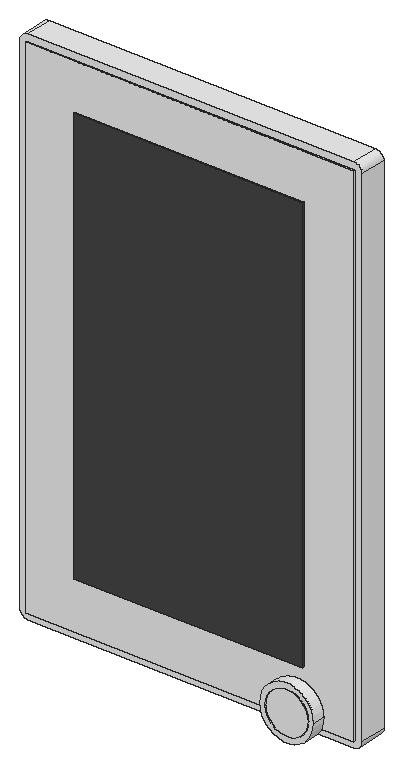
Revit family "BAS-IP_Видеодомофон_AZ-07LL", category Устройства связи, Revit 2019
Family settings
  Сохранять ориентацию аннотаций = Нет
  Размер круглого соединителя = Использовать диаметр
  Тип детали = Нормальный
  На основе рабочей плоскости = Нет
  Всегда вертикально = Да
  При загрузке вырезать с полостями = Нет
  Общий = Нет
  Точка расчета площади = Нет
Parameters (values of type "Белый")
  Цветовое решение = "Белый"
  УГО_Смещение_Y [instance] = 0 mm
  УГО_Смещение_X [instance] = 0 mm
  Тип установки = "Настенный накладной"
  Зона обслуживания [instance] = no
  Дисплей = "7\" TFT LCD, сенсорный емкостный"
  Встроенная камера = "Нет"
  Габаритные размеры = "195 x 127 x 27 мм"
  Питание = "PoE, +12 В"
  Потребление питания = "6 Вт, в режиме ожидания - 2,5 Вт"
  Изготовитель = "BAS-IP"  # constant formula
  Разрешение экрана = "800 x 480"
  Корпус = "Пластик"
  Варианты монтажа = "Горизонтальный и вертикальный"
  ADSK_Размер_Смещение от уровня [instance] = 1000 mm
  ADSK_Примечание [instance] = ""
  ADSK_Позиция [instance] = ""
  ADSK_Наименование = "IP видеодомофон"
  ADSK_Материал = White
  ADSK_Марка = "AZ-07LL White"
  ADSK_Количество = 1  # constant formula
  ADSK_Код изделия = ""
  ADSK_Завод-изготовитель = "BAS-IP"  # constant formula
  ADSK_Единица измерения = "шт."  # constant formula
Types (2, lengths in mm): name | Корпус | ADSK_Материал | ADSK_Марка
  Белый | "Пластик" | White | "AZ-07LL White"
  Черный | "Черный" | Black | "AZ-07LL Black"
Reference planes
  plane 1 "По центру (Вперед/Назад)": y = 0
  plane 2: z = 0
  plane 3 "По центру (Влево/Вправо)": x = 0
  plane 4: z = 1000
  plane 5: z = 0
  plane 6: x = 0
  plane 7: y = 0
Forms (mm)
  Extrusion 1, solid, material "White" <- "ADSK_Материал", detail levels medium+fine
    sketch origin (0, 0, 1000) x (1, 0, 0) y (0, 0, 1)
      loop
        arc (-60.5, 195) -> (-62.621, 194.121) -> (-63.5, 192) r 3
        line (-63.5, 192) -> (-63.5, 3)
        arc (-63.5, 3) -> (-62.621, 0.879) -> (-60.5, 0) r 3
        line (-60.5, 0) -> (60.5, 0)
        arc (60.5, 0) -> (62.621, 0.879) -> (63.5, 3) r 3
        line (63.5, 3) -> (63.5, 192)
        arc (63.5, 192) -> (62.621, 194.121) -> (60.5, 195) r 3
        line (60.5, 195) -> (-60.5, 195)
    from 0 to 10
  Extrusion 2, void, detail levels fine
    sketch origin (14.066, 0, 1002.973) x (1, 0, 0) y (0, 0, 1)
      loop
        circle (-51.665, 184.212) r 1
    from 0 to 15
  Extrusion 3, solid, material "White" <- "ADSK_Материал", detail levels fine
    sketch origin (188.11, 0, 997.926) x (1, 0, 0) y (0, 0, 1)
      loop
        circle (-148.528, 8.511) r 10
      loop
        circle (-148.528, 8.511) r 8
    from 10 to 15
  Extrusion 4, solid, material "White" <- "ADSK_Материал", detail levels fine
    sketch origin (188.11, 0, 997.926) x (1, 0, 0) y (0, 0, 1)
      loop
        circle (-148.528, 8.511) r 8
    from 11 to 15
  Extrusion 5, solid, detail levels medium+fine
    sketch origin (0, 0, 1000) x (1, 0, 0) y (0, 0, 1)
      loop
        line (-42.741, 175.5) -> (-42.741, 20.5) -> (42.259, 20.5) -> (42.259, 175.5) -> (-42.741, 175.5)
    from -17 to 0
  Extrusion 6, solid, material "White" <- "ADSK_Материал", detail levels fine
    sketch origin (0, 0.5, 1000) x (1, 0, 0) y (0, 0, 1)
      loop
        line (-61, 192.5) -> (-61, 2.5) -> (61, 2.5) -> (61, 192.5) -> (-61, 192.5)
    from 10 to 11
  Extrusion 7, solid, material "Black silver 2", detail levels medium+fine
    sketch origin (0, 0, 1000) x (1, 0, 0) y (0, 0, 1)
      loop
        line (-42.741, 175.5) -> (-42.741, 20.5) -> (42.259, 20.5) -> (42.259, 175.5) -> (-42.741, 175.5)
    from 10 to 11
  Extrusion 8, solid, material "White" <- "ADSK_Материал", not visible, detail levels medium+fine
    sketch origin (0, 0, 0) x (1, 0, 0) y (0, 0, 1)
      loop
        arc (-60.5, 195) -> (-62.621, 194.121) -> (-63.5, 192) r 3
        line (-63.5, 192) -> (-63.5, 3)
        arc (-63.5, 3) -> (-62.621, 0.879) -> (-60.5, 0) r 3
        line (-60.5, 0) -> (60.5, 0)
        arc (60.5, 0) -> (62.621, 0.879) -> (63.5, 3) r 3
        line (63.5, 3) -> (63.5, 192)
        arc (63.5, 192) -> (62.621, 194.121) -> (60.5, 195) r 3
        line (60.5, 195) -> (-60.5, 195)
    from 0 to 10
  Extrusion 9, void, not visible, detail levels fine
    sketch origin (14.066, 0, 2.973) x (1, 0, 0) y (0, 0, 1)
      loop
        circle (-51.665, 184.212) r 1
    from 0 to 15
  Extrusion 10, solid, material "White" <- "ADSK_Материал", not visible, detail levels fine
    sketch origin (188.11, 0, -2.074) x (1, 0, 0) y (0, 0, 1)
      loop
        circle (-148.528, 8.511) r 10
      loop
        circle (-148.528, 8.511) r 8
    from 10 to 15
  Extrusion 11, solid, material "White" <- "ADSK_Материал", not visible, detail levels fine
    sketch origin (188.11, 0, -2.074) x (1, 0, 0) y (0, 0, 1)
      loop
        circle (-148.528, 8.511) r 8
    from 11 to 15
  Extrusion 12, solid, not visible, detail levels medium+fine
    sketch origin (0, 0, 0) x (1, 0, 0) y (0, 0, 1)
      loop
        line (-42.741, 175.5) -> (-42.741, 20.5) -> (42.259, 20.5) -> (42.259, 175.5) -> (-42.741, 175.5)
    from -17 to 0
  Extrusion 13, solid, material "White" <- "ADSK_Материал", not visible, detail levels fine
    sketch origin (0, 0.5, 0) x (1, 0, 0) y (0, 0, 1)
      loop
        line (-61, 192.5) -> (-61, 2.5) -> (61, 2.5) -> (61, 192.5) -> (-61, 192.5)
    from 10 to 11
  Extrusion 14, solid, material "Black silver 2", not visible, detail levels medium+fine
    sketch origin (0, 0, 0) x (1, 0, 0) y (0, 0, 1)
      loop
        line (-42.741, 175.5) -> (-42.741, 20.5) -> (42.259, 20.5) -> (42.259, 175.5) -> (-42.741, 175.5)
    from 10 to 11
Cuts and joins
  Extrusion 2 cuts Extrusion 1
Dimensions and locks
  "ADSK_Размер_Смещение от уровня": plane 4 to plane 2
  "УГО_Смещение_X": plane 3 "По центру (Влево/Вправо)" to plane 6
  "УГО_Смещение_Y": plane 7 to plane 1 "По центру (Вперед/Назад)"
  aligned and locked: level to plane 2
  aligned and locked: cut or joined group of Extrusion 1, Extrusion 2 to plane 4
  aligned and locked: plane 6 to nested 3
  aligned and locked: nested 3 to plane 7
Automatic sketch dimensions
  Extrusion 1 sketch curve to Extrusion 1 sketch curve = 3 mm  (x3)
  Extrusion 1 sketch curve to Extrusion 1 sketch curve = 189 mm
  Extrusion 3 sketch curve to Extrusion 3 sketch curve = 0 mm  (x4)
  Extrusion 5 sketch curve to Extrusion 5 sketch curve = 155 mm
  Extrusion 6 sketch curve to Extrusion 6 sketch curve = 190 mm
  Extrusion 7 sketch curve to Extrusion 7 sketch curve = 155 mm
  Extrusion 1 sketch curve to Extrusion 1 sketch curve = 121 mm  (x2)
  Extrusion 5 sketch curve to Extrusion 5 sketch curve = 85 mm
  Extrusion 6 sketch curve to Extrusion 6 sketch curve = 122 mm
  Extrusion 7 sketch curve to Extrusion 7 sketch curve = 85 mm
  Extrusion 8 sketch curve to Extrusion 8 sketch curve = 3 mm  (x3)
  Extrusion 8 sketch curve to Extrusion 8 sketch curve = 189 mm
  Extrusion 10 sketch curve to Extrusion 10 sketch curve = 0 mm  (x4)
  Extrusion 12 sketch curve to Extrusion 12 sketch curve = 155 mm
  Extrusion 13 sketch curve to Extrusion 13 sketch curve = 190 mm
  Extrusion 14 sketch curve to Extrusion 14 sketch curve = 155 mm
  Extrusion 8 sketch curve to Extrusion 8 sketch curve = 121 mm  (x2)
  Extrusion 12 sketch curve to Extrusion 12 sketch curve = 85 mm
  Extrusion 13 sketch curve to Extrusion 13 sketch curve = 122 mm
  Extrusion 14 sketch curve to Extrusion 14 sketch curve = 85 mm
  radius of Extrusion 2 sketch curve = 1 mm
  radius of Extrusion 3 sketch curve = 10 mm
  radius of Extrusion 3 sketch curve = 8 mm
  radius of Extrusion 4 sketch curve = 8 mm
  radius of Extrusion 9 sketch curve = 1 mm
  radius of Extrusion 10 sketch curve = 10 mm
  radius of Extrusion 10 sketch curve = 8 mm
  radius of Extrusion 11 sketch curve = 8 mm
Nested families
  nested 1: "Зона обслуживания" at (0, 0, 950), visible <- "Зона обслуживания", type "Зона обслуживания", detail levels fine
    with ADSK_Размер_Ширина 227 mm, ADSK_Размер_Высота 295 mm
  nested 2: "Зона обслуживания" at (0, 0, -50), visible <- "Зона обслуживания", type "Зона обслуживания", not visible, detail levels fine
    with ADSK_Размер_Ширина 227 mm, ADSK_Размер_Высота 295 mm
  nested 3: "УГО_Видеодомофон" at (0, 0, 0), type "УГО_Видеодомофон", detail levels coarse+medium
Connectors
  electrical at (-0.241, 8.5, 1020.5)
    settings: on Extrusion 5, index 1, voltage 0 V, apparent load 0 VA, apparent load phase1 0 VA, apparent load phase2 0 VA, apparent load phase3 0 VA, power factor 1, load classification "Прочее", number of poles 1, system type 12, power factor state 1, is connector primary yes, connector utility no, sub classification motor no, connector description ""
Definition of nested family "Зона обслуживания"
  Parameters (values of type "Семейство1")
    Зона обслуживания = none
    ADSK_Размер_Ширина = 200 mm
    ADSK_Размер_Глубина = 120 mm
    ADSK_Размер_Высота = 250 mm
  Reference planes
    plane 1 "По центру (Вперед/Назад)": y = 0
    plane 2: z = 0
    plane 3 "По центру (Влево/Вправо)": x = 0
  Forms (mm)
    Extrusion 1, solid, material <- "Зона обслуживания"
      sketch origin (0, 0, 0) x (1, 0, 0) y (0, 1, 0)
        loop
          line (-100, 0) -> (-100, -120) -> (100, -120) -> (100, 0) -> (-100, 0)
      from 0 to 250 <- "ADSK_Размер_Высота"
  Dimensions and locks
    "ADSK_Размер_Глубина": Extrusion 1 sketch curve to plane 1 "По центру (Вперед/Назад)"
    equal spacing: Extrusion 1 sketch curve, plane 3 "По центру (Влево/Вправо)", Extrusion 1 sketch curve
    "ADSK_Размер_Ширина": Extrusion 1 sketch curve to Extrusion 1 sketch curve
    aligned and locked: level to plane 2
  Automatic sketch dimensions
    plane 1 "По центру (Вперед/Назад)" to Extrusion 1 sketch curve = 0 mm
Definition of nested family "УГО_Видеодомофон"
  Reference planes
    plane 1: y = 0
    plane 2: x = 0
  Lines and regions (mm)
    detail lines
      curve 1: line (-3.5, -5, 0) -> (-3.5, 0, 0)
      curve 2: line (3.5, -5, 0) -> (-3.5, -5, 0)
      curve 3: line (3.5, 0, 0) -> (3.5, -5, 0)
      curve 4: line (-3.5, 0, 0) -> (3.5, 0, 0)
      curve 5: line (2.949, -0.621, 0) -> (-2, -0.621, 0)
      curve 6: line (2.949, -4.389, 0) -> (2.949, -0.621, 0)
      curve 7: line (-2, -4.389, 0) -> (2.949, -4.389, 0)
      curve 8: line (-2, -0.621, 0) -> (-2, -4.389, 0)
